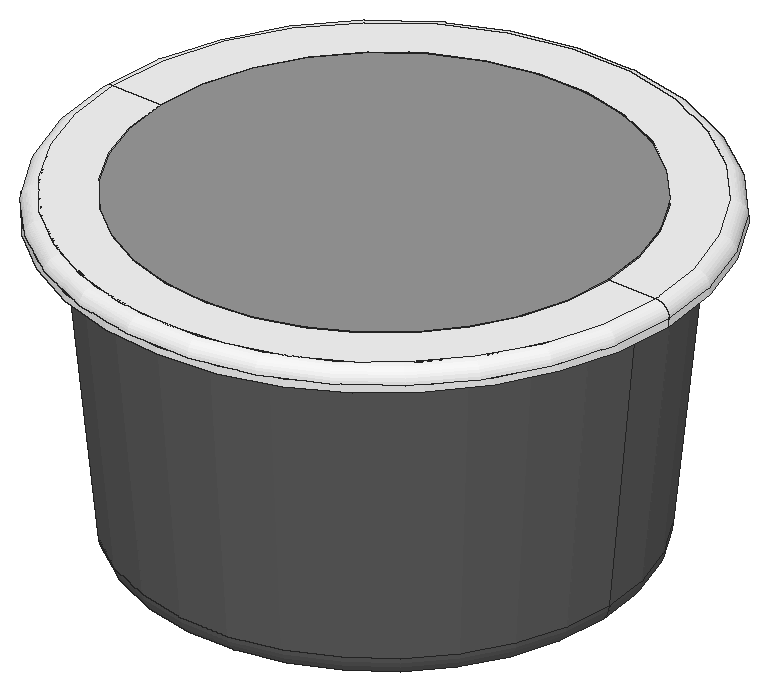
Revit family "3098103 Lighting Fixture_Sylvania_Insaver LED II 150 LO_Ceiling Recessed", category Lighting Fixtures, host Face, Revit 2017
Family settings
  Host = Face
  Round Connector Dimension = Use Diameter
  Part Type = Normal
  OmniClass Number = 23.80.70.11.17
  OmniClass Title = Specialized Lighting by Location or Use
  Cut with Voids When Loaded = No
  Light Source = Yes
  Shared = No
  Room Calculation Point = No
Parameters (values of type "Insaver LED II 150 Low Output NW 1-10")
  Ta Rating = "0°C to 55°C"  # constant formula
  Reflector Radius = Body Radius - 2.0 mm  # 73.0 mm
  Reflector Material = Metal_Sylvania_Insaver LED II_Polished
  Radius = Diameter / 2  # 84.5 mm
  LOR = "100%"  # constant formula
  IP Rating = "IP23 (44 with accessory)"  # constant formula
  Height = 87.0 mm
  Glare Control = "UGR <19 (using accessory)"  # constant formula
  Energy Class = "A++,A+,A"  # constant formula
  Weight = 0 kg
  Wattage = 20 W
  built-in parameter 1150110 = 1 (stored number, unit not read)
  Voltage Comments = "UNV (Universal Voltage; 220-240 Volt)"  # constant formula
  Voltage = 230 V  # constant formula
  URL = "http://www.sylvania-lighting.com"
  built-in parameter 1114217 = 1 (stored number, unit not read)
  Tilt Angle = -90°
  built-in parameter 1150109 = 1 (stored number, unit not read)
  built-in parameter 1150134 = 12
  built-in parameter 1150113 = 1 (stored number, unit not read)
  Product Page URL = "http://www.sylvania-lighting.com/product/en-int/products/3098103"
  Product Family = "INSAVER LED II 150"  # constant formula
  Photometry Comments = ""
  Photometric Web File = "3098103_InsaverLEDII150LowOutputNW1-10-200399.ies"
  Life = "50 000 h"  # constant formula
  Emit from Circle Diameter = Diffuser Diameter  # 133.0 mm
  Emit Shape Visible in Rendering = no
  Drive Current = "700mA"  # constant formula
  Distribution type = "Direct - symmetrical"  # constant formula
  Diffuser Material = Glass_Sylvania_Insaver LED II_4000K
  Diffuser Diameter = Diameter - 36.0 mm  # 133.0 mm
  Diameter = 169.0 mm
  Cutout Diameter = Diameter - 19.0 mm  # 150.0 mm
  Colour consistency (SDCM) = "3 step"  # constant formula
  built-in parameter 1114216 [instance] = 1 (stored number, unit not read)
  Model = "Insaver LED II 150 Low Output NW 1-10"
  Manufacturer = "Feilo Sylvania"
  built-in parameter 1150105 = 1454.2 (stored number, unit not read)
  Lumens = 1940 lm
  built-in parameter 1150115 = 1 (stored number, unit not read)
  built-in parameter 1150137 = (empty or 0)
  built-in parameter 1150139 = (empty or 0)
  built-in parameter 1150112 = 1 (stored number, unit not read)
  built-in parameter 1150114 = 1 (stored number, unit not read)
  Lamp Comments = "Integrated LED"  # constant formula
  Lamp = ""
  built-in parameter 1150132 = 2
  built-in parameter 1150102 = (empty or 0)
  built-in parameter 1150107 = 4000 (stored number, unit not read)
  built-in parameter 1150138 = (empty or 0)
  built-in parameter 1150106 = 14.542 (stored number, unit not read)
  CRI ( Ra ) = 80  # constant formula
  Body Material = Plastic_Sylvania_Insaver LED II_Black
  built-in parameter 1150104 = 9.0116 (stored number, unit not read)
  Dimming Lamp Color Temperature Shift = <None>
  Description = "Circular LED downlight with up to 114lm/W efficacy and 2,400 luminaire lumen output. Innovative easy installation system allows for a rapid, single point installation. For 150mm cut outs. IP44 or UGR<19 compliant with additional accessories. 3 hour emergency and surface mounted versions available. Plus3 version includes Wieland GST connector."  # constant formula
  Default Elevation = 0.0 mm
  Color Filter = 16777215
  Catalog Number = "3098103 Insaver LED II 150 Low Output NW 1-10"
  built-in parameter 1140040 [instance] = 1
  Body Radius = Cutout Diameter / 2  # 75.0 mm
  Beam Angle = 76°  # constant formula
  built-in parameter 1114218 = 1 (stored number, unit not read)
  built-in parameter 1150133 = 10 (stored number, unit not read)
  Assembly Code = "D5020200"
  Apparent Load Comments = ""
  Apparent Load = 17 VA
  Accessory Material = Plastic_Sylvania_Insaver LED II_White
Reference planes
  plane 1 "Center (Front/Back)": y = 0
  plane 2: z = 0
  plane 3 "Center (Left/Right)": x = 0
  plane 4 "Fixture Top": z = -87
  plane 5 "Fixture Bottom": z = 6
  plane 6 "Reflector Top": z = -60
Forms (mm)
  Extrusion 1, void
    sketch origin (0, 0, 0) x (1, 0, 0) y (0, 1, 0)
      loop
        circle (0, 0) r 75
    from -87 to 0
  Revolve 2, solid, material "Plastic_Sylvania_Insaver LED II_White" <- "Accessory Material", detail levels fine
    sketch origin (0, 0, 0) x (1, 0, 0) y (0, 0, 1)
      loop
        line (-84.5, 0) -> (-66.5, 0) -> (-66.5, 6) -> (-80.5, 6)
        arc (-80.5, 6) -> (-83.328, 4.828) -> (-84.5, 2) r 4
        line (-84.5, 2) -> (-84.5, 0)
      axis (0, 6) -> (0, 0)
    angle from 0 to 360
  Revolve 3, solid, material "Plastic_Sylvania_Insaver LED II_Black" <- "Body Material", detail levels fine
    sketch origin (0, 0, 0) x (1, 0, 0) y (0, 0, 1)
      loop
        line (0, -87) -> (0, -85) -> (-59.475, -85)
        arc (-59.475, -85) -> (-62.901, -83.847) -> (-64.933, -80.857) r 5.666
        arc (-64.933, -80.857) -> (-70.978, -41.634) -> (-73, -2) r 389.454
        line (-73, -2) -> (-73, 0) -> (-75, 0) -> (-75, -2)
        arc (-75, -2) -> (-73.011, -41.414) -> (-67.063, -80.428) r 391.454
        arc (-67.063, -80.428) -> (-64.495, -85.129) -> (-59.475, -87) r 7.666
        line (-59.475, -87) -> (0, -87)
      axis (0, 0) -> (0, -87)
    angle from 0 to 360
  Extrusion 4, solid, material "Glass_Sylvania_Insaver LED II_4000K" <- "Diffuser Material", detail levels fine
    sketch origin (0, 0, 0) x (1, 0, 0) y (0, 1, 0)
      loop
        circle (0, 0) r 66.5
    from 0 to 6
  Revolve 5, solid, material "Metal_Sylvania_Insaver LED II_Polished" <- "Reflector Material", detail levels fine
    sketch origin (0, 0, 0) x (1, 0, 0) y (0, 0, 1)
      loop
        line (-73, 0) -> (-73, -2)
        arc (-73, -2) -> (-46.618, -43.735) -> (0, -60) r 74.94
        line (0, -60) -> (0, -58)
        arc (0, -58) -> (-45.285, -42.24) -> (-71, -1.769) r 72.94
        line (-71, -1.769) -> (-71, 0) -> (-73, 0)
      axis (0, 0) -> (0, -60)
    angle from 0 to 360
  Revolve 6, solid, material "Plastic_Sylvania_Insaver LED II_White" <- "Accessory Material", detail levels coarse+medium
    sketch origin (0, 0, 0) x (1, 0, 0) y (0, 0, 1)
      loop
        line (0, -87) -> (0, 6) -> (-84.5, 6) -> (-84.5, 0) -> (-75, 0) -> (-75, -2)
        arc (-75, -2) -> (-73.011, -41.414) -> (-67.063, -80.428) r 391.454
        arc (-67.063, -80.428) -> (-64.495, -85.129) -> (-59.475, -87) r 7.666
        line (-59.475, -87) -> (0, -87)
      axis (0, 6) -> (0, -87)
    angle from 0 to 360
Lines and regions (mm)
  Masking region 1
    outline origin (0, 0, 0) x (1, 0, 0) y (0, 1, 0)
      loop
        circle (0, 0) r 84.5
  symbolic lines, detail levels fine
    curve 1: arc (66.5, 0, 0) -> (0, 66.5, 0) -> (-66.5, 0, 0) r 66.5
    curve 2: arc (-66.5, 0, 0) -> (0, -66.5, 0) -> (66.5, 0, 0) r 66.5
Dimensions and locks
  "Height": plane 2 to plane 4 "Fixture Top"
  plane 5 "Fixture Bottom" to plane 2 = 6.0 mm
  "Radius": plane 3 "Center (Left/Right)" to Revolve 2 sketch curve
  locked: Revolve 2 sketch curve to plane 2 at 2
  Revolve 2 sketch curve to Revolve 2 sketch curve = 18.0 mm
  "Body Radius": plane 3 "Center (Left/Right)" to Revolve 3 sketch curve
  locked: Revolve 3 sketch curve to Revolve 3 sketch curve at 2
  locked: Revolve 3 sketch curve to plane 4 "Fixture Top" at 2
  "Reflector Radius": Revolve 5 sketch curve to plane 3 "Center (Left/Right)"
  locked: Revolve 5 sketch curve to Revolve 5 sketch curve at 2
  "Radius": Revolve 6 sketch curve to imposter light
  locked: Revolve 6 sketch curve to Revolve 6 sketch curve at 9.5
  "Cutout Diameter": diameter of Extrusion 1 sketch curve
  "Diffuser Diameter": diameter of Extrusion 4 sketch curve
  aligned and locked: plane 2 to host face
  aligned and locked: level to host face
  aligned and locked: Extrusion 1 to plane 4 "Fixture Top"
  aligned and locked: plane 2 to Extrusion 1
  aligned and locked: Revolve 2 sketch curve to plane 2
  aligned and locked: Revolve 2 sketch curve to plane 5 "Fixture Bottom"
  aligned and locked: Revolve 2 sketch curve to plane 3 "Center (Left/Right)"
  aligned and locked: Revolve 3 sketch curve to plane 3 "Center (Left/Right)"  (x2)
  aligned and locked: Extrusion 4 to plane 2
  aligned and locked: plane 5 "Fixture Bottom" to Extrusion 4
  aligned and locked: plane 4 "Fixture Top" to Revolve 3 sketch curve
  aligned and locked: Revolve 3 sketch curve to plane 2
  aligned and locked: Revolve 5 sketch curve to host face
  aligned and locked: Revolve 5 sketch curve to plane 3 "Center (Left/Right)"
  aligned and locked: plane 6 "Reflector Top" to Revolve 5 sketch curve
  aligned and locked: plane 3 "Center (Left/Right)" to Revolve 5 sketch curve
  aligned and locked: imposter light to plane 3 "Center (Left/Right)"
  aligned and locked: imposter light to plane 1 "Center (Front/Back)"
  aligned and locked: imposter light to plane 5 "Fixture Bottom"
  aligned and locked: Revolve 6 sketch curve to plane 3 "Center (Left/Right)"  (x2)
  aligned and locked: plane 4 "Fixture Top" to Revolve 6 sketch curve
  aligned and locked: Revolve 6 sketch curve to imposter light
  aligned and locked: Masking region 1 sketch curve to Revolve 6  (x2)
  aligned and locked: curve 1 to Extrusion 4
  aligned and locked: curve 2 to Extrusion 4
Automatic sketch dimensions
  host sketch curve to host sketch curve = 1040.406 mm
  host sketch curve to host sketch curve = 988.385 mm
  plane 1 "Center (Front/Back)" to Extrusion 1 sketch curve = 0.0 mm
  Extrusion 1 sketch curve to plane 3 "Center (Left/Right)" = 0.0 mm
  Revolve 2 sketch curve to level = 23.903 mm
  plane 5 "Fixture Bottom" to Revolve 2 sketch curve = 38.423 mm
  Revolve 3 sketch curve to Revolve 3 sketch curve = 0.0 mm  (x4)
  Revolve 3 sketch curve to plane 3 "Center (Left/Right)" = 59.475 mm
  Revolve 3 sketch curve to level = 2.0 mm
  plane 3 "Center (Left/Right)" to Revolve 3 sketch curve = 316.454 mm
  Revolve 3 sketch curve to Revolve 3 sketch curve = 5.666 mm
  Revolve 3 sketch curve to level = 21.34 mm
  plane 5 "Fixture Bottom" to Revolve 3 sketch curve = 47.66 mm
  plane 1 "Center (Front/Back)" to Extrusion 4 sketch curve = 0.0 mm
  Extrusion 4 sketch curve to plane 3 "Center (Left/Right)" = 0.0 mm
  Revolve 5 sketch curve to Revolve 5 sketch curve = 0.0 mm
  Revolve 5 sketch curve to Revolve 5 sketch curve = 2.0 mm
  Revolve 5 sketch curve to level = 2.0 mm
  Revolve 5 sketch curve to plane 4 "Fixture Top" = 30.934 mm
  Revolve 5 sketch curve to Revolve 5 sketch curve = 27.127 mm
  Revolve 6 sketch curve to level = 0.0 mm
  plane 4 "Fixture Top" to Revolve 6 sketch curve = 7.666 mm
  Revolve 6 sketch curve to plane 3 "Center (Left/Right)" = 59.475 mm
  Revolve 6 sketch curve to level = 2.0 mm
  plane 3 "Center (Left/Right)" to Revolve 6 sketch curve = 316.454 mm
  Revolve 6 sketch curve to level = 21.34 mm
  Revolve 6 sketch curve to Revolve 6 sketch curve = 47.66 mm
Connectors
  electrical at (0, 0, -87), driven by "Voltage", driven by "Apparent Load"
    settings: index 1, voltage 230 V, apparent load 0 VA, apparent load phase1 17 VA, apparent load phase2 0 VA, apparent load phase3 0 VA, power factor 1, load classification "Lighting", number of poles 1, system type 31, power factor state 1, is connector primary yes, connector utility no, sub classification motor no, connector description ""
